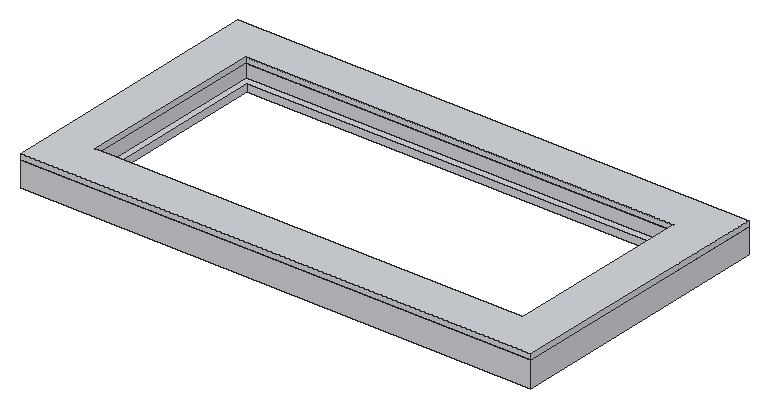
Revit family "Gira_100209", category Electrical Fixtures, host Face, Revit 2017
Family settings
  Host = Face
  Maintain Annotation Orientation = No
  Round Connector Dimension = Use Diameter
  Part Type = Normal
  Cut with Voids When Loaded = No
  Shared = No
  Room Calculation Point = No
Parameters (values of type "Cov.fr. 2-g w/o cb Gira E2 black m")
  URL = "http://katalog.gira.de/en/datenblatt.html?artikelnr=100209"
  Transparent = "No"
  Name = "Cov.fr. 2-g w/o cb Gira E2 black m"
  Manufacturer URL = "https://www.gira.de/"
  Manufacturer = "Gira"
  Label space/information surface = "No"
  Keynote = ""
  HeinzeBIM = "https://bimportal.heinze.de/bim/cov-fr-2-g-w-o-cb-gira-e2-black-m/356455e3596ad74ca7562d91281344e814f84309"
  HAN = "100209"
  GTIN = "4010337036784"
  Description = "Cov.fr.2g w o cb E2 BKm,Gira E2 cover frame,black matt,2-gang without crossbar,Features:,- Shatter-proof.,,Notes :,- Also suitable for duct installation.,- In connection with the seal kit, frame (1-gang to 5-gang) is also suitable for installation as water-protected flush-mounted IP44."
  Default Elevation = 1219.2 mm
  Data sheet (1) = "https://katalog.gira.de/en/download.html?artikelnr=100209"
  Category = "Cover frame for domestic switching devices"
  BIM (1) = "https://media.stage.bim.site/public/gira/36a6b08/E2_Rahmen_2fach o.Mittelsteg.rfa?public/gira/36a6b08/E2_Rahmen_2fach o.Mittelsteg.rfa"
  Available = "No"
Reference planes
  plane 1 "Center (Front/Back)": y = 0
  plane 2: z = 0
  plane 3 "Center (Left/Right)": x = 0
Forms (mm)
  Extrusion 1, solid, detail levels fine
    sketch origin (0, 0, 0) x (1, 0, 0) y (0, 1, 0)
      loop
        line (-75.95, 40.4) -> (-75.95, -40.4) -> (75.95, -40.4) -> (75.95, 40.4) -> (-75.95, 40.4)
      loop
        line (-63.602, -28.052) -> (63.602, -28.052) -> (63.602, 28.052) -> (-63.602, 28.052) -> (-63.602, -28.052)
    from 7.7 to 9.3
  Extrusion 2, solid, detail levels fine
    sketch origin (0, 0, 0) x (1, 0, 0) y (0, 1, 0)
      loop
        line (-75.95, 40.4) -> (-75.95, -40.4) -> (75.95, -40.4) -> (75.95, 40.4) -> (-75.95, 40.4)
      loop
        line (-74.148, -38.598) -> (74.148, -38.598) -> (74.148, 38.598) -> (-74.148, 38.598) -> (-74.148, -38.598)
    from 0 to 7.7
  Extrusion 3, solid, detail levels fine
    sketch origin (0, 0, 0) x (1, 0, 0) y (0, 1, 0)
      loop
        line (-61.45, -25.7) -> (61.451, -25.7) -> (61.451, 25.701) -> (-61.45, 25.701) -> (-61.45, -25.7)
      loop
        line (-63.602, 28.052) -> (-63.602, -28.052) -> (63.602, -28.052) -> (63.602, 28.052) -> (-63.602, 28.052)
    from 1.8 to 3.8
  Extrusion 4, solid, detail levels fine
    sketch origin (0, 0, 0) x (1, 0, 0) y (0, 1, 0)
      loop
        line (-63.602, -28.052) -> (63.602, -28.052) -> (63.602, 28.052) -> (-63.602, 28.052) -> (-63.602, -28.052)
      loop
        spline (65.089, 27.539) -> (65.072, 27.8) -> (65.021, 28.057) -> (64.937, 28.305) -> (64.821, 28.539) -> (64.676, 28.757) -> (64.504, 28.954) -> (64.307, 29.126) -> (64.089, 29.271) -> (63.855, 29.387) -> (63.607, 29.471) -> (63.35, 29.522) -> (63.089, 29.539)
        line (63.089, 29.539) -> (-63.089, 29.539)
        spline (-63.089, 29.539) -> (-63.35, 29.522) -> (-63.607, 29.471) -> (-63.855, 29.387) -> (-64.089, 29.271) -> (-64.307, 29.126) -> (-64.504, 28.954) -> (-64.676, 28.757) -> (-64.821, 28.539) -> (-64.937, 28.305) -> (-65.021, 28.057) -> (-65.072, 27.8) -> (-65.089, 27.539)
        line (-65.089, 27.539) -> (-65.089, -27.539)
        spline (-65.089, -27.539) -> (-65.072, -27.8) -> (-65.021, -28.057) -> (-64.937, -28.305) -> (-64.821, -28.539) -> (-64.676, -28.757) -> (-64.504, -28.954) -> (-64.307, -29.126) -> (-64.089, -29.271) -> (-63.855, -29.387) -> (-63.607, -29.471) -> (-63.35, -29.522) -> (-63.089, -29.539)
        line (-63.089, -29.539) -> (63.089, -29.539)
        spline (63.089, -29.539) -> (63.35, -29.522) -> (63.607, -29.471) -> (63.855, -29.387) -> (64.089, -29.271) -> (64.307, -29.126) -> (64.504, -28.954) -> (64.676, -28.757) -> (64.821, -28.539) -> (64.937, -28.305) -> (65.021, -28.057) -> (65.072, -27.8) -> (65.089, -27.539)
        line (65.089, -27.539) -> (65.089, 27.539)
    from 1.8 to 7.7
  Extrusion 5, solid, detail levels coarse+medium
    sketch origin (0, 0, 0) x (1, 0, 0) y (0, 1, 0)
      loop
        line (-75.95, 40.4) -> (-75.95, -40.4) -> (75.95, -40.4) -> (75.95, 40.4) -> (-75.95, 40.4)
    from 0 to 9.3
Dimensions and locks
  aligned and locked: plane 2 to host face
  aligned and locked: level to host face
